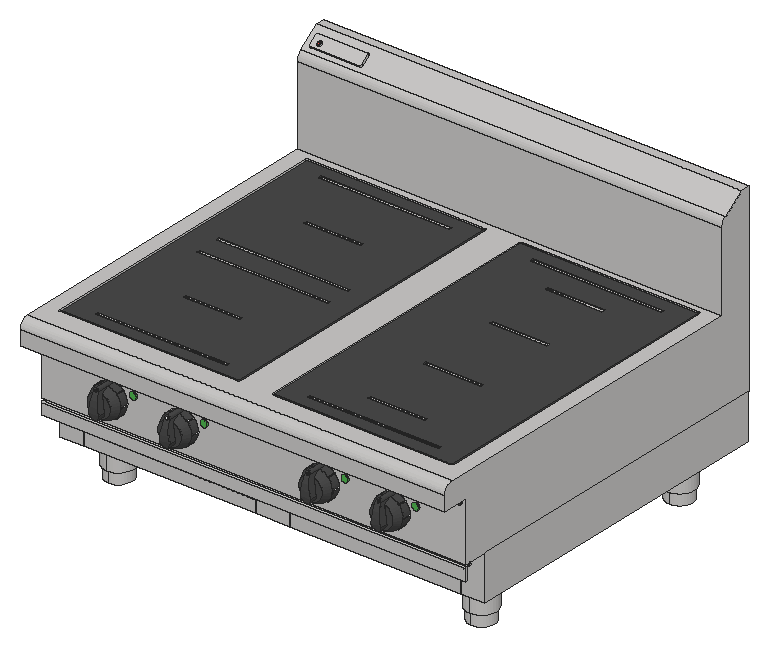
Revit family "QF_Moffat_IN8400R3F-B_Induction Cooktop_cat", category Specialty Equipment, Revit 2019 (continued)
Definition of nested family "Knob"
  Forms (mm)
    Extrusion 2, solid
      sketch origin (32.5, 175.397, 1219.2) x (0, 1, 0) y (0, 0, 1)
        loop
          arc (-224.105, -1149.7) -> (-233.965, -1178.467) -> (-230.696, -1208.7) r 70
          line (-230.696, -1208.7) -> (-219.397, -1208.7) -> (-219.397, -1161.899) -> (-202.106, -1154.2)
      from -15 to 15
    Extrusion 3, void
      sketch origin (0, 0, 0) x (1, 0, 0) y (0, 0, 1)
        loop
          line (27.501, 64.613) -> (22.02, 20.585)
          arc (22.02, 20.585) -> (32.792, 10.488) -> (42.986, 21.169) r 10.487
          line (42.986, 21.169) -> (37.499, 64.613)
          arc (37.499, 64.613) -> (32.5, 69.5) -> (27.501, 64.613) r 5
        loop
          line (10, 72.977) -> (10, 5.625) -> (55, 5.625) -> (55, 72.977) -> (10, 72.977)
      from 6.142 to 69.687
    Extrusion 4, solid
      sketch origin (0, -34.115, -16.916) x (1, 0, 0) y (0, 0.45399, 0.891007)
        loop
          circle (32.497, 65) r 2
      from 51.525 to 53.075
    Extrusion 5, solid
      sketch origin (32.5, -10, 32.5) x (0, 0, -1) y (-1, 0, 0)
        loop
          line (-23.54, -22.408) -> (-24.106, -22.974)
          arc (-24.106, -22.974) -> (-23.547, -23.547) -> (-22.974, -24.106) r 33.3
          line (-22.974, -24.106) -> (-22.408, -23.54)
          arc (-22.408, -23.54) -> (-22.981, -22.981) -> (-23.54, -22.408) r 32.5
        loop
          arc (-0.8, -33.29) -> (0, -33.3) -> (0.8, -33.29) r 33.3
          line (0.8, -33.29) -> (0.8, -32.49)
          arc (0.8, -32.49) -> (0, -32.5) -> (-0.8, -32.49) r 32.5
          line (-0.8, -32.49) -> (-0.8, -33.29)
        loop
          arc (23.54, -22.408) -> (22.981, -22.981) -> (22.408, -23.54) r 32.5
          line (22.408, -23.54) -> (22.974, -24.106)
          arc (22.974, -24.106) -> (23.547, -23.547) -> (24.106, -22.974) r 33.3
          line (24.106, -22.974) -> (23.54, -22.408)
        loop
          arc (-23.54, 22.408) -> (-22.981, 22.981) -> (-22.408, 23.54) r 32.5
          line (-22.408, 23.54) -> (-22.974, 24.106)
          arc (-22.974, 24.106) -> (-23.547, 23.547) -> (-24.106, 22.974) r 33.3
          line (-24.106, 22.974) -> (-23.54, 22.408)
        loop
          line (-0.8, 33.29) -> (-0.8, 32.49)
          arc (-0.8, 32.49) -> (0, 32.5) -> (0.8, 32.49) r 32.5
          line (0.8, 32.49) -> (0.8, 33.29)
          arc (0.8, 33.29) -> (0, 33.3) -> (-0.8, 33.29) r 33.3
        loop
          line (32.49, -0.8) -> (33.29, -0.8)
          arc (33.29, -0.8) -> (33.3, 0) -> (33.29, 0.8) r 33.3
          line (33.29, 0.8) -> (32.49, 0.8)
          arc (32.49, 0.8) -> (32.5, 0) -> (32.49, -0.8) r 32.5
        loop
          arc (24.106, 22.974) -> (23.547, 23.547) -> (22.974, 24.106) r 33.3
          line (22.974, 24.106) -> (22.408, 23.54)
          arc (22.408, 23.54) -> (22.981, 22.981) -> (23.54, 22.408) r 32.5
          line (23.54, 22.408) -> (24.106, 22.974)
      from 0 to -16.709
  Cuts and joins
    Extrusion 3 cuts Extrusion 2
  Dimensions and locks
    equal spacing: plane 3 "LEFT", plane 7 "Center Y", plane 4 "RIGHT"
    "Length": plane 3 "LEFT" to plane 4 "RIGHT"
    equal spacing: plane 5 "FRONT", plane 8 "Center X", plane 1 "BACK"
    "Depth": plane 5 "FRONT" to plane 1 "BACK"
    "Height": plane 6 "TOP" to level
    plane 4 "RIGHT" to plane 3 "LEFT" = 65 mm
    aligned and locked: level to plane 2
  Automatic sketch dimensions
    Revolve 1 sketch curve to level = 0 mm
    Revolve 1 sketch curve to plane 1 "BACK" = 0 mm  (x2)
    plane 1 "BACK" to Revolve 1 sketch curve = 10 mm
    plane 8 "Center X" to Revolve 1 sketch curve = 2.791 mm
    Revolve 1 sketch curve to plane 8 "Center X" = 14.5 mm
    level to Revolve 1 sketch curve = 7.699 mm
    level to Revolve 1 sketch curve = 27.5 mm
    Revolve 1 sketch curve to Revolve 1 sketch curve = 5 mm
    Revolve 1 sketch curve to Revolve 1 sketch curve = 35 mm
    Revolve 1 sketch curve to Revolve 1 sketch curve = 0 mm
    Extrusion 2 sketch curve to plane 6 "TOP" = 0 mm
    Extrusion 2 sketch curve to plane 5 "FRONT" = 3.702 mm
    Extrusion 2 sketch curve to plane 5 "FRONT" = 10.293 mm
    Extrusion 2 sketch curve to Extrusion 2 sketch curve = 11.298 mm
    plane 8 "Center X" to Extrusion 2 sketch curve = 2.791 mm
    plane 1 "BACK" to Extrusion 2 sketch curve = 10 mm
    Extrusion 2 sketch curve to plane 1 "BACK" = 11 mm
    Extrusion 2 sketch curve to plane 6 "TOP" = 4.5 mm
    Extrusion 2 sketch curve to plane 6 "TOP" = 12.199 mm
    level to Extrusion 2 sketch curve = 32.962 mm
    level to Extrusion 3 sketch curve = 5.625 mm
    Extrusion 3 sketch curve to plane 7 "Center Y" = 0 mm  (x2)
    Extrusion 3 sketch curve to plane 7 "Center Y" = 4.999 mm
    Extrusion 3 sketch curve to plane 7 "Center Y" = 10.48 mm
    plane 6 "TOP" to Extrusion 3 sketch curve = 3.477 mm
    plane 3 "LEFT" to Extrusion 3 sketch curve = 10 mm
    Extrusion 3 sketch curve to plane 6 "TOP" = 4.887 mm
    Extrusion 3 sketch curve to Extrusion 3 sketch curve = 4.999 mm
    plane 7 "Center Y" to Extrusion 3 sketch curve = 10.486 mm
    level to Extrusion 3 sketch curve = 20.585 mm
    Extrusion 3 sketch curve to Extrusion 3 sketch curve = 0.387 mm
    Extrusion 3 sketch curve to Extrusion 3 sketch curve = 0.113 mm
    plane 4 "RIGHT" to Extrusion 3 sketch curve = 10 mm
    Extrusion 5 sketch curve to Revolve 1 = 32.49 mm
    Revolve 1 to Extrusion 5 sketch curve = 32.49 mm
    Extrusion 5 sketch curve to Revolve 1 = 23.54 mm  (x2)
    Revolve 1 to Extrusion 5 sketch curve = 23.54 mm  (x2)
    Extrusion 5 sketch curve to Revolve 1 = 24.106 mm  (x2)
    Revolve 1 to Extrusion 5 sketch curve = 24.106 mm  (x2)
    Revolve 1 to Extrusion 5 sketch curve = 22.408 mm  (x2)
    Extrusion 5 sketch curve to Revolve 1 = 22.408 mm  (x2)
    Revolve 1 to Extrusion 5 sketch curve = 22.974 mm  (x2)
    Extrusion 5 sketch curve to Revolve 1 = 22.974 mm  (x2)
    Extrusion 5 sketch curve to Extrusion 5 sketch curve = 1.6 mm  (x2)
    Revolve 1 to Extrusion 5 sketch curve = 0.8 mm
    Extrusion 5 sketch curve to Revolve 1 = 0.8 mm
    Extrusion 4 sketch curve to plane 7 "Center Y" = 0.003 mm
    radius of Extrusion 5 sketch curve to Revolve 1 = 0 mm  (x7)
    radius of Revolve 1 to Extrusion 5 sketch curve = 0.8 mm  (x7)
    radius of Extrusion 4 sketch curve = 2 mm
Types (2, lengths in mm): name | Volts | Model | Cycle | Apparent Power
  INB8400R3F-B_415/60/3 | 415 V | "IN8400R3F-B" | 60 Hz | 17230.8 VA
  INB8400R3F-B_400/50/3 | 400 V | "INB8400R3F-B" | 50 Hz | 16608 VA
